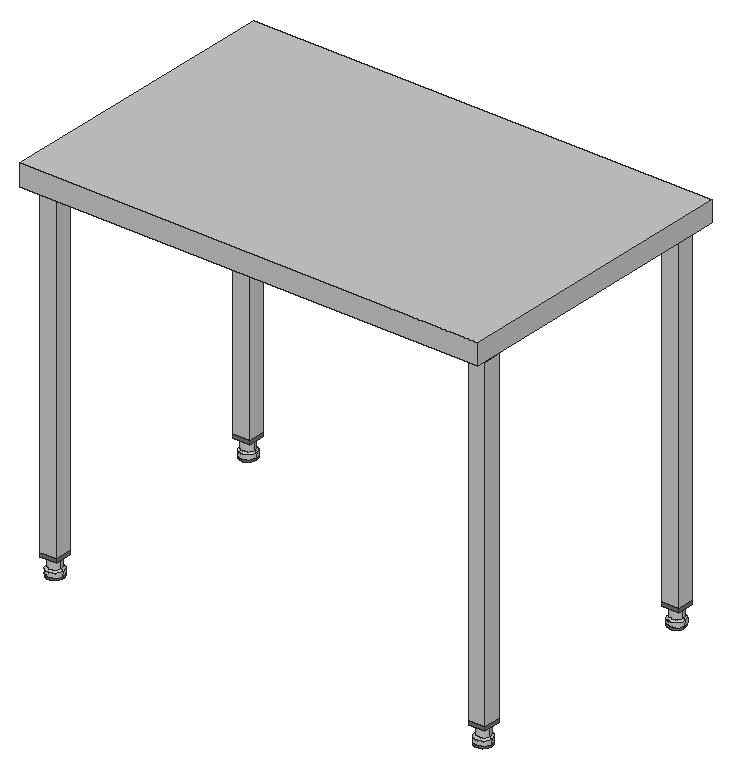
Revit family "QF_ZANUSSI_133219_TG1100N", category Attrezzature speciali, Revit 2020
Family settings
  Quota connettore circolare = Usa diametro
  Tipo di parte = Normale
  Basato su piano di lavoro = No
  Sempre verticale = Sì
  Taglio con vuoti quando caricato = No
  Condiviso = No
  Punto di calcolo locali = No
Parameters (values of type "Standard")
  Weight = 37.00 kg
  Watts = 0 W
  Volts = 0 V
  URL Manufacturer = "http://www.zanussiprofessional.com"
  URL = "http://www.zanussiprofessional.com"
  Steam Supply Size = 0 mm
  Steam Supply Minimum Pressure = 0.0 Pa
  Steam Supply Maximum Pressure = 0.0 Pa
  Steam Consumption per Hour = 0
  Refrigeration Suction Line Size = 0.0 mm
  Refrigeration Liquid Line Size = 0.0 mm
  Refrigerant Compressor Remote = yes
  Prospetto di default = 0.0 mm
  Produttore = "Zanussi"
  Phase = 0
  Modello = "TG1100N"
  Length Actual = 1100.0 mm  # constant formula
  Item Number = "133219"
  Hot Water Size = 0 mm
  Height Actual = 900.0 mm  # constant formula
  HP = "0 HP"
  Gas Size = 0 mm
  Gas KW = 0
  Gas Input Pressure = 0 W
  Direct Waste Size = 0 mm
  Descrizione = "WORK TABLE 1100 MM"
  Depth Actual = 700.0 mm  # constant formula
  Cycle = 0 Hz
  Condensate Return Size = 0 mm
  Compressed Air Volume = 0.0 L/s
  Compressed Air Size = 0 mm
  Compressed Air Pressure = 0.0 Pa
  Cold Water Size = 0 mm
  Accessory = yes
Reference planes
  plane 1 "Center (Front/Back)": y = 0
  plane 2: z = 0
  plane 3 "Center (Left/Right)": x = -50
  plane 4 "LEFT": x = -600
  plane 5 "RIGHT": x = 500
  plane 6 "BACK": y = 350
  plane 7 "FRONT": y = -350
  plane 8 "Base": z = 850
  plane 9 "TOP": z = 900
  plane 10: x = -564.5
  plane 11: x = 464.5
  plane 12: y = 290
  plane 13: y = -290
Forms (mm)
  Extrusion 1, solid, material "QF_Finishes_Stainless Steel"
    sketch origin (-50, 0, 0) x (0, 1, 0) y (0, 0, 1)
      loop
        line (-350, 850) -> (350, 850) -> (350, 900) -> (-350, 900) -> (-350, 850)
    from 550 to -550
Lines and regions (mm)
  symbolic lines
    curve 1: line (500, 350, 900) -> (-600, 350, 900)
    curve 2: line (-600, 350, 900) -> (-600, -350, 900)
    curve 3: line (-600, -350, 900) -> (500, -350, 900)
    curve 4: line (500, -350, 900) -> (500, 350, 900)
Dimensions and locks
  plane 4 "LEFT" to plane 5 "RIGHT" = 1100.0 mm
  equal spacing: plane 4 "LEFT", plane 3 "Center (Left/Right)", plane 5 "RIGHT"
  plane 4 "LEFT" to plane 10 = 35.5 mm
  plane 11 to plane 5 "RIGHT" = 35.5 mm
  plane 10 to plane 11 = 1029.0 mm
  locked: plane 9 "TOP" to level at 900
  plane 6 "BACK" to plane 12 = 60.0 mm
  plane 13 to plane 7 "FRONT" = 60.0 mm
  plane 6 "BACK" to plane 7 "FRONT" = 700.0 mm
  plane 12 to plane 13 = 580.0 mm
  equal spacing: plane 6 "BACK", plane 1 "Center (Front/Back)", plane 7 "FRONT"
  locked: plane 8 "Base" to level at 850
  aligned and locked: level to plane 2
  aligned and locked: plane 10 to nested 1
  aligned and locked: nested 1 to plane 13
  aligned and locked: plane 11 to nested 2
  aligned and locked: nested 2 to plane 13
  aligned and locked: plane 11 to nested 4
  aligned and locked: nested 4 to plane 12
  aligned and locked: plane 10 to nested 3
  aligned and locked: nested 3 to plane 12
  aligned and locked: Extrusion 1 to plane 4 "LEFT"
  aligned and locked: plane 5 "RIGHT" to Extrusion 1
  aligned and locked: curve 2 to plane 4 "LEFT"
Automatic sketch dimensions
  Extrusion 1 sketch curve to plane 7 "FRONT" = 0.0 mm
  Extrusion 1 sketch curve to plane 8 "Base" = 0.0 mm
  curve 3 to plane 7 "FRONT" = 0.0 mm
  curve 4 to plane 6 "BACK" = 0.0 mm
  Extrusion 1 sketch curve to plane 9 "TOP" = 0.0 mm
  Extrusion 1 sketch curve to plane 6 "BACK" = 0.0 mm
  curve 4 to plane 5 "RIGHT" = 0.0 mm
Nested families
  nested 1: "FEET_40x40_APP42" at (-564.5, -290, 0), type "FEET_40x40_APP42"
  nested 2: "FEET_40x40_APP42" at (464.5, -290, 0), type "FEET_40x40_APP42"
  nested 3: "FEET_40x40_APP42" at (-564.5, 290, 0), type "FEET_40x40_APP42"
  nested 4: "FEET_40x40_APP42" at (464.5, 290, 0), type "FEET_40x40_APP42"
Definition of nested family "FEET_40x40_APP42"
  Parameters
    Default Elevation = 0.0 mm
    FEET = 850.0 mm
  Reference planes
    plane 1 "Center (Front/Back)": y = 0
    plane 2: z = 0
    plane 3 "Center (Left/Right)": x = 0
    plane 4: z = 850
  Forms (mm)
    Extrusion 1, solid
      sketch origin (0, 0, 0) x (1, 0, 0) y (0, 1, 0)
        loop
          line (-20, -20) -> (20, -20) -> (20, 20) -> (-20, 20) -> (-20, -20)
      from 50 to 845
    Extrusion 2, solid
      sketch origin (0, 0, 0) x (1, 0, 0) y (0, 1, 0)
        loop
          circle (0, 0) r 20
      from 0 to 5
    Extrusion 3, solid
      sketch origin (0, 0, 0) x (1, 0, 0) y (0, 1, 0)
        loop
          line (30, 30) -> (-30, 30) -> (-30, -30) -> (30, -30) -> (30, 30)
      from 845 to 850
    Extrusion 4, solid
      sketch origin (0, 0, 0) x (1, 0, 0) y (0, 1, 0)
        loop
          line (-20, -20) -> (20, -20) -> (20, 20) -> (-20, 20) -> (-20, -20)
      from 50 to 42
    Revolve 5, solid
      sketch origin (0, 0, 0) x (1, 0, 0) y (0, 0, 1)
        loop
          line (0, 42) -> (-15, 42) -> (-15, 20) -> (-20, 15) -> (-20, 5) -> (0, 5) -> (0, 42)
        axis (0, 42) -> (0, 5)
      angle from 0 to 360
  Lines and regions (mm)
    symbolic lines
      curve 1: line (0, -1.503, 0) -> (0, 1.508, 0)
      curve 2: line (1.561, 0, 0) -> (-1.439, 0, 0)
  Dimensions and locks
    "FEET": plane 4 to plane 2
    aligned and locked: level to plane 2
  Automatic sketch dimensions
    plane 1 "Center (Front/Back)" to curve 2 = 0.0 mm
    curve 1 to plane 3 "Center (Left/Right)" = 0.0 mm
    curve 2 to plane 3 "Center (Left/Right)" = 1.439 mm
    plane 3 "Center (Left/Right)" to curve 2 = 1.561 mm
    plane 1 "Center (Front/Back)" to curve 1 = 1.503 mm
    curve 1 to plane 1 "Center (Front/Back)" = 1.508 mm
    Extrusion 1 sketch curve to plane 3 "Center (Left/Right)" = 20.0 mm
    plane 3 "Center (Left/Right)" to Extrusion 1 sketch curve = 20.0 mm
    plane 1 "Center (Front/Back)" to Extrusion 1 sketch curve = 20.0 mm
    Extrusion 1 sketch curve to plane 1 "Center (Front/Back)" = 20.0 mm
    plane 1 "Center (Front/Back)" to Extrusion 2 sketch curve = 0.0 mm
    Extrusion 2 sketch curve to plane 3 "Center (Left/Right)" = 0.0 mm
    Extrusion 3 sketch curve to plane 3 "Center (Left/Right)" = 30.0 mm
    plane 3 "Center (Left/Right)" to Extrusion 3 sketch curve = 30.0 mm
    plane 1 "Center (Front/Back)" to Extrusion 3 sketch curve = 30.0 mm
    Extrusion 3 sketch curve to plane 1 "Center (Front/Back)" = 30.0 mm
    Extrusion 4 sketch curve to plane 3 "Center (Left/Right)" = 20.0 mm
    plane 3 "Center (Left/Right)" to Extrusion 4 sketch curve = 20.0 mm
    plane 1 "Center (Front/Back)" to Extrusion 4 sketch curve = 20.0 mm
    Extrusion 4 sketch curve to plane 1 "Center (Front/Back)" = 20.0 mm
    Revolve 5 sketch curve to plane 3 "Center (Left/Right)" = 0.0 mm  (x2)
    Revolve 5 sketch curve to plane 3 "Center (Left/Right)" = 15.0 mm
    Revolve 5 sketch curve to Revolve 5 sketch curve = 5.0 mm  (x3)
    level to Revolve 5 sketch curve = 5.0 mm
    Revolve 5 sketch curve to Revolve 5 sketch curve = 10.0 mm
    Revolve 5 sketch curve to Revolve 5 sketch curve = 22.0 mm
    Revolve 5 sketch curve to level = 9.561 mm
    radius of Extrusion 2 sketch curve = 20.0 mm
